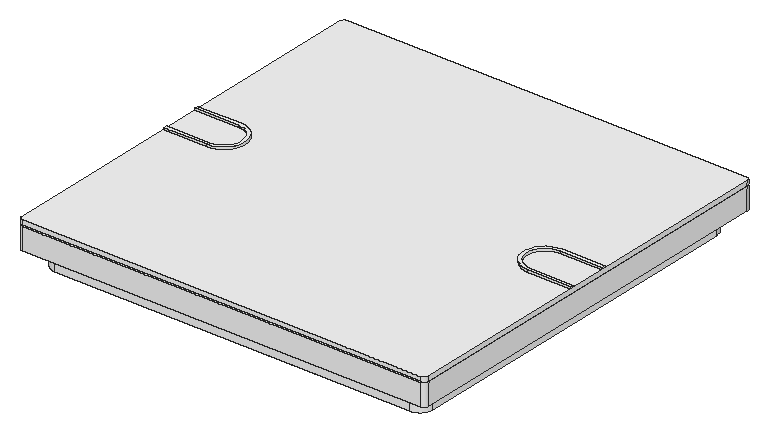
Revit family "Gira_5001028", category Electrical Fixtures, host Face, Revit 2017
Family settings
  Host = Face
  Maintain Annotation Orientation = No
  Round Connector Dimension = Use Diameter
  Part Type = Normal
  Cut with Voids When Loaded = No
  Shared = No
  Room Calculation Point = No
Parameters (values of type "KNX PB sens.4 Komfort 1-g TS4 anthra.")
  With room temperature controller = no
  With label area = no
  With display = no
  With anti-theft/dismantling protection = yes
  With IR sensor = no
  White = White
  URL = "https://www.gira.de/"
  Type Comments = ""
  Transparent = no
  Radio frequent bidirectional = no
  Number of buttons = 1
  Model = ""
  Manufacturer = "Gira"
  Keynote = ""
  HeinzeBIM = "https://www.heinze.de/bim/knx-pb-sens-4-komfort-1-g-ts4-anthra-/9181a5c1c91b21d1997cab8dd05c700b07020a2b"
  HAN = "5001028"
  GTIN = "4010337070887"
  Description = ""
  Default Elevation = 1219.2 mm
  Cost = 0
  Colour = "anthracite"
  Bus connection included = yes
  BIMSITE_PRODUCT_ID = "9181a5c1c91b21d1997cab8dd05c700b07020a2b"
  BIM = "https://media.live.bim.site/t/eyJhbGciOiJIUzI1NiIsInR5cCI6IkpXVCJ9.eyJjdCI6MSwidGYiOiJwdWJsaWMvZ2lyYS8wOWY1ZGI1LzQwXzUwMDEwMCBUUzQgMWZhY2gucmZhIiwiY2lkIjoiZmVkOThlOWEtMWJkOC00YzY4LWE3M2ItNzRhOTRlMzE1ODIzIiwicmlkIjoiNjU3YmY1M2Q2NzgwYjMwOWI0MGNlYjI0MWJlMzY3NmYiLCJwaWQiOiI5MTgxYTVjMWM5MWIyMWQxOTk3Y2FiOGRkMDVjNzAwYjA3MDIwYTJiIiwic2lkIjoiNjM0NzAiLCJ1dCI6NSwibGMiOiJlbiIsImlhdCI6MTYwNzQzODI0NiwiaXNzIjoiaHR0cHM6Ly9hcGkubGl2ZS5iaW0uc2l0ZSIsInN1YiI6IjhkM2FhNWNiLWUwNjYtNDU5OC1iZTE2LTZlMTZlZTc0OTU2YSJ9.lkknJeH8wXqE8gW5Ax9BBrK81IEUkw0iuRlWXb9496g/40_500100 TS4 1fach.rfa"
  Assembly Code = ""
Reference planes
  plane 1 "Center (Front/Back)": y = 0
  plane 2: z = 0
  plane 3 "Center (Left/Right)": x = 0
Forms (mm)
  Extrusion 1, solid, material "White", detail levels fine
    sketch origin (0, 0, 0) x (1, 0, 0) y (0, 1, 0)
      loop
        line (25.45, 35.45) -> (-25.45, 35.45)
        arc (-25.45, 35.45) -> (-32.521, 32.521) -> (-35.45, 25.45) r 10
        line (-35.45, 25.45) -> (-35.45, -25.45)
        arc (-35.45, -25.45) -> (-32.521, -32.521) -> (-25.45, -35.45) r 10
        line (-25.45, -35.45) -> (25.45, -35.45)
        arc (25.45, -35.45) -> (32.521, -32.521) -> (35.45, -25.45) r 10
        line (35.45, -25.45) -> (35.45, 25.45)
        arc (35.45, 25.45) -> (32.521, 32.521) -> (25.45, 35.45) r 10
      loop
        arc (-31.325, 28.496) -> (-31.325, 25.668) -> (-28.496, 25.668) r 2
        line (-28.496, 25.668) -> (-25.668, 28.496)
        arc (-25.668, 28.496) -> (-25.668, 31.325) -> (-28.496, 31.325) r 2
        line (-28.496, 31.325) -> (-31.325, 28.496)
      loop
        arc (-28.496, -31.325) -> (-25.668, -31.325) -> (-25.668, -28.496) r 2
        line (-25.668, -28.496) -> (-28.496, -25.668)
        arc (-28.496, -25.668) -> (-31.325, -25.668) -> (-31.325, -28.496) r 2
        line (-31.325, -28.496) -> (-28.496, -31.325)
      loop
        line (31.325, 28.496) -> (28.496, 31.325)
        arc (28.496, 31.325) -> (25.668, 31.325) -> (25.668, 28.496) r 2
        line (25.668, 28.496) -> (28.496, 25.668)
        arc (28.496, 25.668) -> (31.325, 25.668) -> (31.325, 28.496) r 2
      loop
        line (28.496, -31.325) -> (31.325, -28.496)
        arc (31.325, -28.496) -> (31.325, -25.668) -> (28.496, -25.668) r 2
        line (28.496, -25.668) -> (25.668, -28.496)
        arc (25.668, -28.496) -> (25.668, -31.325) -> (28.496, -31.325) r 2
      loop
        line (-13.39, 22.831) -> (-22.831, 13.39) -> (-22.831, -13.39) -> (-13.39, -22.831) -> (13.39, -22.831) -> (22.831, -13.39) -> (22.831, 13.39) -> (13.39, 22.831) -> (-13.39, 22.831)
      loop
        arc (-1.681, 31.793) -> (-6.669, 29.581) -> (-1.417, 28.102) r 2.9
        arc (-1.417, 28.102) -> (2.178, 28.079) -> (5.741, 27.6) r 28.291
        arc (5.741, 27.6) -> (7.553, 29.282) -> (6.077, 31.265) r 1.851
        arc (6.077, 31.265) -> (2.215, 31.784) -> (-1.681, 31.793) r 29.64
      loop
        arc (1.681, -31.793) -> (6.669, -29.581) -> (1.417, -28.102) r 2.9
        arc (1.417, -28.102) -> (-2.178, -28.079) -> (-5.741, -27.6) r 28.291
        arc (-5.741, -27.6) -> (-7.553, -29.282) -> (-6.077, -31.265) r 1.851
        arc (-6.077, -31.265) -> (-2.215, -31.784) -> (1.681, -31.793) r 29.64
      loop
        arc (-31.793, -1.681) -> (-29.581, -6.669) -> (-28.102, -1.417) r 2.9
        arc (-28.102, -1.417) -> (-28.079, 2.178) -> (-27.6, 5.741) r 28.291
        arc (-27.6, 5.741) -> (-29.282, 7.553) -> (-31.265, 6.077) r 1.851
        arc (-31.265, 6.077) -> (-31.784, 2.215) -> (-31.793, -1.681) r 29.64
      loop
        arc (31.793, 1.681) -> (29.581, 6.669) -> (28.102, 1.417) r 2.9
        arc (28.102, 1.417) -> (28.079, -2.178) -> (27.6, -5.741) r 28.291
        arc (27.6, -5.741) -> (29.282, -7.553) -> (31.265, -6.077) r 1.851
        arc (31.265, -6.077) -> (31.784, -2.215) -> (31.793, 1.681) r 29.64
    from 0 to -1
  Extrusion 2, solid, material "White", detail levels medium+fine
    sketch origin (0, 0, 0) x (1, 0, 0) y (0, 1, 0)
      loop
        line (-22.831, 13.39) -> (-22.831, -13.39) -> (-13.39, -22.831) -> (13.39, -22.831) -> (22.831, -13.39) -> (22.831, 13.39) -> (13.39, 22.831) -> (-13.39, 22.831) -> (-22.831, 13.39)
    from 0 to -15.5
  Extrusion 3, solid, material "White", detail levels medium
    sketch origin (0, 0, 0) x (1, 0, 0) y (0, 1, 0)
      loop
        line (35.45, 35.45) -> (-35.45, 35.45) -> (-35.45, -35.45) -> (35.45, -35.45) -> (35.45, 35.45)
    from 0 to -1
  Extrusion 4, solid, material "White" <- "White", detail levels fine
    sketch origin (0, 0, 0) x (1, 0, 0) y (0, 1, 0)
      loop
        arc (-41.4, 44.4) -> (-43.521, 43.521) -> (-44.4, 41.4) r 3
        line (-44.4, 41.4) -> (-44.4, -41.4)
        arc (-44.4, -41.4) -> (-43.521, -43.521) -> (-41.4, -44.4) r 3
        line (-41.4, -44.4) -> (41.4, -44.4)
        arc (41.4, -44.4) -> (43.521, -43.521) -> (44.4, -41.4) r 3
        line (44.4, -41.4) -> (44.4, 41.4)
        arc (44.4, 41.4) -> (43.521, 43.521) -> (41.4, 44.4) r 3
        line (41.4, 44.4) -> (-41.4, 44.4)
      loop
        arc (-42.4, -41.4) -> (-42.107, -42.107) -> (-41.4, -42.4) r 1
        line (-41.4, -42.4) -> (41.4, -42.4)
        arc (41.4, -42.4) -> (42.107, -42.107) -> (42.4, -41.4) r 1
        line (42.4, -41.4) -> (42.4, 41.4)
        arc (42.4, 41.4) -> (42.107, 42.107) -> (41.4, 42.4) r 1
        line (41.4, 42.4) -> (-41.4, 42.4)
        arc (-41.4, 42.4) -> (-42.107, 42.107) -> (-42.4, 41.4) r 1
        line (-42.4, 41.4) -> (-42.4, -41.4)
    from 0 to 4
  Extrusion 5, solid, material "White" <- "White", detail levels medium
    sketch origin (0, 0, 0) x (1, 0, 0) y (0, 1, 0)
      loop
        line (-44.4, 44.4) -> (-44.4, -44.4) -> (44.4, -44.4) -> (44.4, 44.4) -> (-44.4, 44.4)
    from 0 to 4
  Extrusion 6, solid, material "White" <- "White", detail levels fine
    sketch origin (0, 0, 0) x (1, 0, 0) y (0, 1, 0)
      loop
        line (-46.5, -47.5) -> (46.5, -47.5)
        arc (46.5, -47.5) -> (47.207, -47.207) -> (47.5, -46.5) r 1
        line (47.5, -46.5) -> (47.5, 46.5)
        arc (47.5, 46.5) -> (47.207, 47.207) -> (46.5, 47.5) r 1
        line (46.5, 47.5) -> (-46.5, 47.5)
        arc (-46.5, 47.5) -> (-47.207, 47.207) -> (-47.5, 46.5) r 1
        line (-47.5, 46.5) -> (-47.5, -46.5)
        arc (-47.5, -46.5) -> (-47.207, -47.207) -> (-46.5, -47.5) r 1
    from 4 to 9
  Extrusion 7, solid, material "White" <- "White", detail levels medium
    sketch origin (0, 0, 0) x (1, 0, 0) y (0, 1, 0)
      loop
        line (-47.5, -47.5) -> (47.5, -47.5) -> (47.5, 47.5) -> (-47.5, 47.5) -> (-47.5, -47.5)
    from 4 to 10.7
  Extrusion 8, solid, material "White" <- "White", detail levels fine
    sketch origin (0, 0, 0) x (1, 0, 0) y (0, 1, 0)
      loop
        line (-46.5, -47.5) -> (46.5, -47.5)
        arc (46.5, -47.5) -> (47.207, -47.207) -> (47.5, -46.5) r 1
        line (47.5, -46.5) -> (47.5, 46.5)
        arc (47.5, 46.5) -> (47.207, 47.207) -> (46.5, 47.5) r 1
        line (46.5, 47.5) -> (-46.5, 47.5)
        arc (-46.5, 47.5) -> (-47.207, 47.207) -> (-47.5, 46.5) r 1
        line (-47.5, 46.5) -> (-47.5, -46.5)
        arc (-47.5, -46.5) -> (-47.207, -47.207) -> (-46.5, -47.5) r 1
    from 9.3 to 10.3
  Extrusion 9, solid, material "White" <- "White", detail levels fine
    sketch origin (0, 0, 0) x (1, 0, 0) y (0, 1, 0)
      loop
        line (-37.5, 5) -> (-47.5, 5) -> (-47.5, 4.2) -> (-37.5, 4.2)
        arc (-37.5, 4.2) -> (-33.3, 0) -> (-37.5, -4.2) r 4.2
        line (-37.5, -4.2) -> (-47.5, -4.2) -> (-47.5, -5) -> (-37.5, -5)
        arc (-37.5, -5) -> (-32.5, 0) -> (-37.5, 5) r 5
      loop
        arc (37.5, 5) -> (32.5, 0) -> (37.5, -5) r 5
        line (37.5, -5) -> (47.5, -5) -> (47.5, -4.2) -> (37.5, -4.2)
        arc (37.5, -4.2) -> (33.3, 0) -> (37.5, 4.2) r 4.2
        line (37.5, 4.2) -> (47.5, 4.2) -> (47.5, 5) -> (37.5, 5)
    from 9.5 to 10.7
  Extrusion 10, solid, material "White" <- "White", detail levels coarse
    sketch origin (0, 0, 0) x (1, 0, 0) y (0, 1, 0)
      loop
        line (-47.5, -47.5) -> (47.5, -47.5) -> (47.5, 47.5) -> (-47.5, 47.5) -> (-47.5, -47.5)
    from -15.4 to 10.7
Lines and regions (mm)
  reference lines
    curve 1: line (0, 47.5, 0) -> (0, -47.5, 0)
    curve 2: line (-47.5, 0, 0) -> (47.5, 0, 0)
Dimensions and locks
  aligned and locked: plane 2 to host face
  aligned and locked: level to host face
Connectors
  electrical at (0, 0, -15.5)
    settings: on Extrusion 2, index 1, voltage 220 V, apparent load 0 VA, apparent load phase1 0 VA, apparent load phase2 0 VA, apparent load phase3 0 VA, power factor 1, load classification "Other", number of poles 1, system type 31, power factor state 1, is connector primary yes, connector utility no, sub classification motor no, connector description ""
